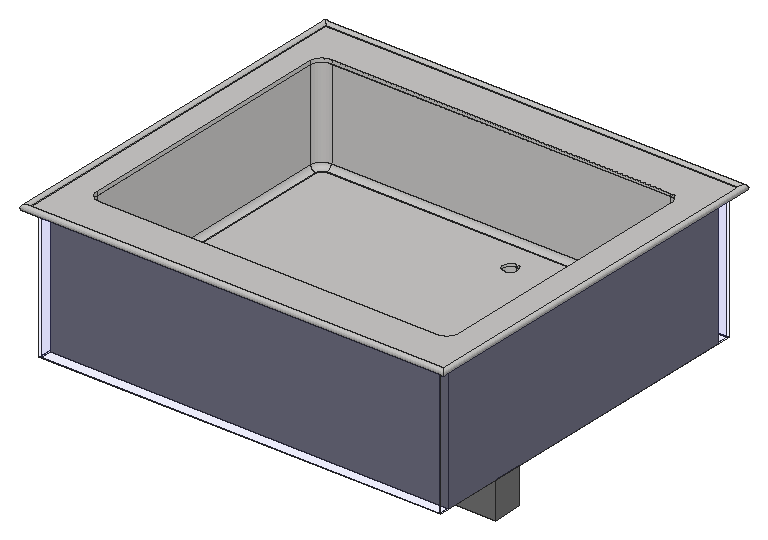
Revit family "QF_Vollrath_36500_cat", category Specialty Equipment, Revit 2016
Family settings
  Part Type = Normal
  Round Connector Dimension = Use Diameter
  OmniClass Number = 23.40.40.14.14
  OmniClass Title = Food Preparation Equipment
  Work Plane-Based = No
  Always vertical = Yes
  Cut with Voids When Loaded = No
  Shared = No
  Room Calculation Point = No
Parameters (values of type "Requires Type Catalog QF_Vollrath_DI_Bain-Marie_cat.txt")
  Width A = 2' - 5"
  Well Width C = 0' - 2 1/8"
  Weight in Pounds = 0
  Watts = 0 W
  Waste Water Discharge Temperature [instance] = -459.67 °F
  Volts = 0 V
  URL Cutsheet = ""
  URL = "www.vollrathco.com"
  Status [instance] = ""
  Specification by User [instance] = ""
  Specification by Manufacturer [instance] = ""
  Serial Number [instance] = ""
  Seismic Rating [instance] = ""
  SMACNA No [instance] = ""
  Revision Code [instance] = ""
  Plumbing Remarks [instance] = ""
  Plumbing Connection Type [instance] = ""
  Phase = 1
  Number of Poles [instance] = 1
  NAFEM Spec ID Number [instance] = ""
  Model = "-"
  Masterspec [instance] = ""
  Manufacturer = "Vollrath"
  Item Number [instance] = "-"
  Installed By [instance] = ""
  Indirect Waste Size = 1"
  Indirect Waste Flow [instance] = 0.00 GPM
  Indirect Waste Connection Type [instance] = ""
  Indirect Waste Connection Height [instance] = Height AFF - 1' 0"  # 1' - 11"
  Height AFF [instance] = 2' - 11"
  Furnished By [instance] = ""
  Foodservice Equipment Identifier [instance] = yes
  FL Amps = 0 A
  Electrical Remarks [instance] = ""
  Electric Connection Type [instance] = ""
  Elec Conn RI Height [instance] = 0' - 0"
  Elec Conn Connection Height [instance] = Height AFF - 0' 10 1/4"  # 2' - 0 3/4"
  Description = "Drop-In, Bain Marie Hot"
  Depth B = 2' - 2"
  Cycle = 60 Hz
  Cut Out Width Half = Cut Out Width / 2  # 0' - 0 3/4"
  Cut Out Width = if(Width A = 2' 5", 0' 1 1/2", 0' 0 1/2")  # 0' - 1 1/2"
  Conn Plug = "-"
  CSI MasterFormat = "11 42 00"
  Base Width E = if(Width A = 2' 5", 0' 0 7/8", 0' 0 1/2")  # 0' - 0 7/8"
  Assembly Code = "E1090320"
  Apparent Power = if(Phase = 3, Volts * FL Amps * 1.73, Volts * FL Amps)  # 0 VA
Reference planes (in)
  plane 1 "BACK": y = 0
  plane 2: z = 0
  plane 3 "LEFT": x = -15.489587
  plane 4 "RIGHT": x = 13.510413
  plane 5 "FRONT": y = -26
  plane 6 "Table Top": z = 35
  plane 7 "TOP": z = 35.375
  plane 8: y = -3.0625
  plane 9: y = -22.9375
  plane 10: x = -13.364587
  plane 11: x = 11.385413
  plane 12 "Bottom of Well": z = 28.375
  plane 13 "Bottom of Well Cover": z = 26
  plane 14: y = -1.5
  plane 15: y = -24.5
  plane 16: x = -14.614587
  plane 17: x = 12.635413
  plane 18 "Standard Drain": z = 22.25
  plane 19 "Drain FB": x = 1.635413
  plane 20: z = 23.5
  plane 21: z = 20.5
  plane 22 "Back of Panel": y = -20.5
  plane 23: y = -18.5
  plane 24 "Front of Panel": y = -22.5
  plane 25 "Remote Top": z = 33
  plane 26 "Remote Bottom": z = 28.875
  plane 27 "Drain LR": y = -5.5
  plane 28: z = 32.5
  plane 29: z = 29.375
Forms (in)
  Sweep 1, solid, material "QF_Finishes_Stainless Steel"
    path origin (0, 0, 35) x (0, 1, 0) y (-1, 0, 0)
      loop
        line (0, 15.489587) -> (-26, 15.489587) -> (-26, -13.510413) -> (0, -13.510413) -> (0, 15.489587)
    profile origin (-0.989587, 0, 35) x (0, 1, 0) y (0, 0, 1)
      loop
        line (-0.3712117, 0) -> (-0.1875, 0)
        arc (-0.1875, 0) -> (-0.0422631, 0.3060854) -> (-0.3712117, 0.225) r 0.1875
        line (-0.3712117, 0.225) -> (-0.3712117, 0)
  Extrusion 2, solid, material "QF_Finishes_Stainless Steel"
    sketch origin (0, 0, 35) x (0, 1, 0) y (-1, 0, 0)
      loop
        arc (-3.0625, 12.552087) -> (-3.3004757, 13.1266113) -> (-3.875, 13.364587) r 0.8125
        line (-3.875, 13.364587) -> (-22.125, 13.364587)
        arc (-22.125, 13.364587) -> (-22.6995243, 13.1266113) -> (-22.9375, 12.552087) r 0.8125
        line (-22.9375, 12.552087) -> (-22.9375, -10.572913)
        arc (-22.9375, -10.572913) -> (-22.6995243, -11.1474372) -> (-22.125, -11.385413) r 0.8125
        line (-22.125, -11.385413) -> (-3.875, -11.385413)
        arc (-3.875, -11.385413) -> (-3.3004757, -11.1474372) -> (-3.0625, -10.572913) r 0.8125
        line (-3.0625, -10.572913) -> (-3.0625, 12.552087)
      loop
        line (-0.3712117, 15.1183753) -> (-25.6287883, 15.1183753) -> (-25.6287883, -13.1392012) -> (-0.3712117, -13.1392012) -> (-0.3712117, 15.1183753)
    from 0 to 0.225
  Sweep 3, solid, material "QF_Finishes_Stainless Steel"
    path origin (0, 0, 35) x (0, 1, 0) y (-1, 0, 0)
      loop
        arc (-3.0625, 12.552087) -> (-3.3004757, 13.1266113) -> (-3.875, 13.364587) r 0.8125
        line (-3.875, 13.364587) -> (-22.125, 13.364587)
        arc (-22.125, 13.364587) -> (-22.6995243, 13.1266113) -> (-22.9375, 12.552087) r 0.8125
        line (-22.9375, 12.552087) -> (-22.9375, -10.572913)
        arc (-22.9375, -10.572913) -> (-22.6995243, -11.1474372) -> (-22.125, -11.385413) r 0.8125
        line (-22.125, -11.385413) -> (-3.875, -11.385413)
        arc (-3.875, -11.385413) -> (-3.3004757, -11.1474372) -> (-3.0625, -10.572913) r 0.8125
        line (-3.0625, -10.572913) -> (-3.0625, 12.552087)
    profile origin (-0.989587, -3.0625, 35) x (0, 1, 0) y (0, 0, 1)
      loop
        line (0, 0) -> (0, -6.125)
        arc (0, -6.125) -> (-0.109835, -6.390165) -> (-0.375, -6.5) r 0.375
        line (-0.375, -6.5) -> (-0.375, -6.625)
        arc (-0.375, -6.625) -> (-0.0214466, -6.4785534) -> (0.125, -6.125) r 0.5
        line (0.125, -6.125) -> (0.125, 0) -> (0, 0)
  Extrusion 4, solid, material "QF_Finishes_Stainless Steel"
    sketch origin (0, 0, 28.375) x (0, 1, 0) y (-1, 0, 0)
      loop
        arc (-3.4375, 12.552087) -> (-3.5656408, 12.8614462) -> (-3.875, 12.989587) r 0.4375
        line (-3.875, 12.989587) -> (-22.125, 12.989587)
        arc (-22.125, 12.989587) -> (-22.4343592, 12.8614462) -> (-22.5625, 12.552087) r 0.4375
        line (-22.5625, 12.552087) -> (-22.5625, -10.572913)
        arc (-22.5625, -10.572913) -> (-22.4343592, -10.8822722) -> (-22.125, -11.010413) r 0.4375
        line (-22.125, -11.010413) -> (-3.875, -11.010413)
        arc (-3.875, -11.010413) -> (-3.5656408, -10.8822722) -> (-3.4375, -10.572913) r 0.4375
        line (-3.4375, -10.572913) -> (-3.4375, 12.552087)
      loop
        circle (-5.5, -1.635413) r 0.5
    from 0 to 0.125
  Extrusion 5, solid, material "QF_Finishes_Dark Grey"
    sketch origin (0, 0, 26) x (0, 1, 0) y (-1, 0, 0)
      loop
        line (-1.625, 14.489587) -> (-24.375, 14.489587) -> (-24.375, -12.510413) -> (-1.625, -12.510413) -> (-1.625, 14.489587)
      loop
        circle (-5.5, -1.635413) r 0.5
    from 0 to 0.125
  Extrusion 6, solid, material "QF_Finishes_Dark Grey"
    sketch origin (0, 0, 26) x (0, 1, 0) y (-1, 0, 0)
      loop
        line (-1.5, 14.614587) -> (-24.5, 14.614587) -> (-24.5, -12.635413) -> (-1.5, -12.635413) -> (-1.5, 14.614587)
      loop
        line (-1.625, 14.489587) -> (-24.375, 14.489587) -> (-24.375, -12.510413) -> (-1.625, -12.510413) -> (-1.625, 14.489587)
    from 0 to 9
  Extrusion 7, solid, material "QF_Finishes_Stainless Steel"
    sketch origin (0, 0, 26) x (0, 1, 0) y (-1, 0, 0)
      loop
        circle (-5.5, -1.635413) r 0.5
      loop
        circle (-5.5, -1.635413) r 0.625
    from 0.125 to 2.375
  Revolve 8, solid, material "QF_Finishes_Dark Grey"
    sketch origin (1.635413, -1.5, 0) x (0, 1, 0) y (0, 0, 1)
      loop
        line (-3.375, 22.25) -> (-3.25, 22.25) -> (-3.25, 22.75) -> (-3.375, 22.75) -> (-3.375, 24.75) -> (-3.25, 24.75) -> (-3.25, 25.25) -> (-3.375, 25.25) -> (-3.375, 26) -> (-3.5, 26) -> (-3.5, 25.125) -> (-3.375, 25.125) -> (-3.375, 24.875) -> (-3.5, 24.875) -> (-3.5, 22.625) -> (-3.375, 22.625) -> (-3.375, 22.25)
      axis (-4, 22.25) -> (-4, 26)
    angle from 0 to 360
  Extrusion 9, solid, material "QF_Finishes_Dark Grey"
    sketch origin (-15.489587, 0, 0) x (0, 1, 0) y (0, 0, 1)
      loop
        line (-18.5, 26) -> (-20.5, 26) -> (-20.5, 23.5) -> (-18.5, 23.5) -> (-18.5, 26)
    from 0.875 to 28.125
  Extrusion 10, solid, material "QF_Finishes_Clearances"
    sketch origin (0, 0, 26) x (0, 1, 0) y (-1, 0, 0)
      loop
        line (-0.625, 14.739587) -> (-25.375, 14.739587) -> (-25.375, -12.760413) -> (-0.625, -12.760413) -> (-0.625, 14.739587)
      loop
        line (-0.75, 14.614587) -> (-25.25, 14.614587) -> (-25.25, -12.635413) -> (-0.75, -12.635413) -> (-0.75, 14.614587)
    from 0 to 9
Lines and regions (in)
  symbolic lines
    curve 1: line (-15.489587, 0, 26) -> (13.510413, 0, 26)
    curve 2: line (-15.489587, -26, 26) -> (-15.489587, 0, 26)
    curve 3: line (13.510413, -26, 26) -> (-15.489587, -26, 26)
    curve 4: line (13.510413, 0, 26) -> (13.510413, -26, 26)
    curve 5: line (-13.364587, -3.0625, 26) -> (11.385413, -3.0625, 26)
    curve 6: line (-13.364587, -22.9375, 26) -> (-13.364587, -3.0625, 26)
    curve 7: line (11.385413, -22.9375, 26) -> (-13.364587, -22.9375, 26)
    curve 8: line (11.385413, -3.0625, 26) -> (11.385413, -22.9375, 26)
  symbolic lines, style "SpecialityEquipment"
    curve 9: circle (1.635413, -5.5, 26) r 0.5 normal (0, 0, 1)
  model lines, style "QF_Cutout"
    curve 10: line (-14.739587, -25.375, 35.375) -> (-14.739587, -25.375, 41.375)
    curve 11: line (12.760413, -25.375, 35.375) -> (12.760413, -25.375, 41.375)
    curve 12: line (-14.739587, -0.625, 35.375) -> (-14.739587, -0.625, 41.375)
    curve 13: line (12.760413, -0.625, 35.375) -> (12.760413, -0.625, 41.375)
Dimensions and locks (in)
  "Width A": plane 3 "LEFT" to plane 4 "RIGHT"
  "Depth B": plane 5 "FRONT" to plane 1 "BACK"
  "Height AFF": plane 6 "Table Top" to level
  locked: plane 7 "TOP" to plane 6 "Table Top" at 0.375
  locked: plane 1 "BACK" to plane 8 at 3.0625
  locked: plane 9 to plane 5 "FRONT" at 3.0625
  "Well Width C": plane 3 "LEFT" to plane 10
  "Well Width C": plane 11 to plane 4 "RIGHT"
  locked: profile plane to Sweep 1 sketch curve at 0.3712117
  locked: plane 6 "Table Top" to plane 12 "Bottom of Well" at 6.625
  locked: plane 6 "Table Top" to plane 13 "Bottom of Well Cover" at 9
  locked: plane 1 "BACK" to plane 14 at 1.5
  locked: plane 15 to plane 5 "FRONT" at 1.5
  "Base Width E": plane 3 "LEFT" to plane 16
  "Base Width E": plane 17 to plane 4 "RIGHT"
  locked: plane 13 "Bottom of Well Cover" to plane 20 at 2.5
  locked: plane 20 to plane 21 at 3
  locked: plane 23 to plane 22 "Back of Panel" at 2
  locked: plane 22 "Back of Panel" to plane 5 "FRONT" at 5.5
  plane 22 "Back of Panel" to plane 24 "Front of Panel" = 0' - 2"
  plane 25 "Remote Top" to level = 2' - 9"
  locked: plane 25 "Remote Top" to plane 26 "Remote Bottom" at 4.125
  locked: plane 13 "Bottom of Well Cover" to plane 18 "Standard Drain" at 3.75
  locked: plane 27 "Drain LR" to plane 15 at 19
  locked: plane 19 "Drain FB" to plane 17 at 11
  locked: plane 25 "Remote Top" to plane 28 at 0.5
  locked: plane 29 to plane 26 "Remote Bottom" at 0.5
  locked: plane 5 "FRONT" to Extrusion 10 sketch curve at 0.625
  locked: Extrusion 10 sketch curve to plane 1 "BACK" at 0.625
  "Cut Out Width Half": plane 3 "LEFT" to Extrusion 10 sketch curve
  "Cut Out Width Half": Extrusion 10 sketch curve to plane 4 "RIGHT"
  locked: Extrusion 10 sketch curve to Extrusion 10 sketch curve at 0.125  (x4)
  aligned and locked: level to plane 2
  aligned and locked: Sweep 1 sketch curve to profile plane
  aligned and locked: plane 1 "BACK" to Sweep 1 sketch curve
  aligned and locked: plane 3 "LEFT" to Sweep 1 sketch curve
  aligned and locked: Sweep 1 sketch curve to plane 5 "FRONT"
  aligned and locked: Sweep 1 sketch curve to plane 4 "RIGHT"
  aligned and locked: Extrusion 2 sketch curve to plane 8
  aligned and locked: plane 10 to Extrusion 2 sketch curve
  aligned and locked: plane 9 to Extrusion 2 sketch curve
  aligned and locked: plane 11 to Extrusion 2 sketch curve
  aligned and locked: Sweep 1 to Extrusion 2 sketch curve  (x4)
  aligned: Extrusion 2 to Sweep 1
  aligned and locked: Sweep 3 sketch curve to plane 8
  aligned and locked: plane 10 to Sweep 3 sketch curve
  aligned and locked: plane 9 to Sweep 3 sketch curve
  aligned and locked: plane 11 to Sweep 3 sketch curve
  aligned and locked: plane 8 to Sweep 3 sketch curve
  aligned and locked: Sweep 3 sketch curve to plane 6 "Table Top"
  aligned and locked: Extrusion 4 sketch curve to Sweep 3  (x2)
  aligned and locked: Sweep 3 to Extrusion 4 sketch curve  (x2)
  aligned and locked: Extrusion 4 to Sweep 3
  aligned and locked: Extrusion 5 sketch curve to Extrusion 4  (x2)
  aligned and locked: plane 16 to Extrusion 6 sketch curve
  aligned and locked: Extrusion 6 sketch curve to plane 14
  aligned and locked: Extrusion 6 sketch curve to plane 17
  aligned and locked: plane 15 to Extrusion 6 sketch curve
  aligned and locked: plane 6 "Table Top" to Extrusion 6
  aligned and locked: Extrusion 5 sketch curve to Extrusion 6  (x4)
  aligned and locked: plane 12 "Bottom of Well" to Extrusion 7
  aligned and locked: Extrusion 9 sketch curve to plane 13 "Bottom of Well Cover"
  aligned and locked: plane 22 "Back of Panel" to Extrusion 9 sketch curve
  aligned and locked: Extrusion 9 sketch curve to plane 23
  aligned and locked: plane 20 to Extrusion 9 sketch curve
  aligned and locked: plane 1 "BACK" to curve 1
  aligned and locked: plane 3 "LEFT" to curve 2
  aligned and locked: curve 4 to plane 4 "RIGHT"
  aligned and locked: curve 3 to plane 5 "FRONT"
  aligned and locked: curve 5 to plane 8
  aligned and locked: plane 11 to curve 8
  aligned and locked: plane 10 to curve 6
  aligned and locked: plane 9 to curve 7
  aligned and locked: Extrusion 9 to plane 16
  aligned and locked: plane 17 to Extrusion 9
  aligned and locked: plane 6 "Table Top" to Extrusion 10
Automatic sketch dimensions
  Sweep 3 sketch curve to plane 22 "Back of Panel" = 0' - 1 5/8"  (x2)
  Sweep 1 sketch curve to Sweep 1 sketch curve = 0' - 0.18371"
  Sweep 1 sketch curve to Sweep 1 sketch curve = 0' - 0 3/16"
  Extrusion 2 sketch curve to plane 22 "Back of Panel" = 0' - 1 5/8"  (x2)
  Extrusion 2 sketch curve to plane 8 = 0' - 0 13/16"  (x2)
  Sweep 3 sketch curve to plane 8 = 0' - 0 13/16"  (x2)
  Revolve 8 sketch curve to plane 27 "Drain LR" = 0' - 0"
  Revolve 8 sketch curve to plane 13 "Bottom of Well Cover" = 0' - 0"
  Revolve 8 sketch curve to plane 18 "Standard Drain" = 0' - 0"
  Revolve 8 sketch curve to Revolve 8 sketch curve = 0' - 0"
  Revolve 8 sketch curve to Revolve 8 sketch curve = 0' - 0 1/8"  (x9)
  Revolve 8 sketch curve to level = 1' - 0"
  Revolve 8 sketch curve to Revolve 8 sketch curve = 0' - 0 3/8"
  Revolve 8 sketch curve to plane 13 "Bottom of Well Cover" = 0' - 1 1/4"
  Revolve 8 sketch curve to Revolve 8 sketch curve = 0' - 0 1/4"
  plane 7 "TOP" to Revolve 8 sketch curve = 5' - 0 5/8"
  plane 27 "Drain LR" to Revolve 8 sketch curve = 0' - 0 1/2"
  Extrusion 7 sketch curve to plane 19 "Drain FB" = 0' - 0"
  Extrusion 7 sketch curve to plane 27 "Drain LR" = 0' - 0"
  Extrusion 7 sketch curve to Extrusion 7 sketch curve = 0' - 0"  (x2)
  Sweep 3 sketch curve to Sweep 3 sketch curve = 0' - 0"  (x2)
  profile plane to Sweep 3 sketch curve = 0' - 0 3/8"
  Sweep 3 sketch curve to profile plane = 0' - 0 1/8"
  Sweep 3 sketch curve to plane 6 "Table Top" = 0' - 6 1/8"
  Extrusion 4 sketch curve to plane 19 "Drain FB" = 0' - 0"
  Extrusion 4 sketch curve to plane 27 "Drain LR" = 0' - 0"
  plane 24 "Front of Panel" to Extrusion 4 sketch curve = 0' - 0 3/8"  (x2)
  Extrusion 4 sketch curve to Extrusion 4 sketch curve = 0' - 0 7/16"  (x2)
  plane 15 to Extrusion 6 sketch curve = 0' - 0 1/8"
  Extrusion 6 sketch curve to plane 14 = 0' - 0 1/8"
  Extrusion 6 sketch curve to plane 17 = 0' - 0 1/8"
  plane 16 to Extrusion 6 sketch curve = 0' - 0 1/8"
  curve 11 to Extrusion 10 = 0' - 0"
  curve 10 to Extrusion 10 = 0' - 0"
  curve 10 to Extrusion 10 = 0' - 6 3/8"
  curve 11 to Extrusion 10 = 0' - 6 3/8"
  curve 11 to Extrusion 10 = 0' - 0 3/8"
  curve 10 to Extrusion 10 = 0' - 0 3/8"
  Extrusion 10 to curve 12 = 0' - 0"
  Extrusion 10 to curve 13 = 0' - 0"
  curve 12 to Extrusion 10 = 0' - 6 3/8"
  curve 13 to Extrusion 10 = 0' - 6 3/8"
  curve 13 to Extrusion 10 = 0' - 0 3/8"
  curve 12 to Extrusion 10 = 0' - 0 3/8"
  curve 9 to plane 19 "Drain FB" = 0' - 0"
  curve 9 to plane 27 "Drain LR" = 0' - 0"
  radius of Extrusion 7 sketch curve = 0' - 0 1/2"
  radius of Extrusion 7 sketch curve = 0' - 0 5/8"
  radius of Extrusion 4 sketch curve = 0' - 0 1/2"
  radius of curve 9 = 0' - 0 1/2"
Connectors (in)
  piping at (1.635413, -5.5, 22.25), diameter 1, driven by "Indirect Waste Flow"
    settings: on Revolve 8, index 1, connector inside diameter 1", connector length 0' - 0", flow factor 0, pipe flow 0.00 GPM, pressure drop 0.00 psi, fitting loss kfactor 0, connector angle 0.00°, fixture units 0, engagement length 0' - 0", angle of deflection 0.00°, flow configuration 1, flow direction 2, fitting loss method 0, system type 16, joint type 0, gender type 0, connector reference index -1, connector utility 0, adjustable connector no, is connector primary yes, connector description "Indirect Waste"
  electrical at (-0.989587, -18.5, 24.75), driven by "Number of Poles", driven by "Volts", driven by "Apparent Power"
    settings: on Extrusion 9, index 3, voltage 0 V, apparent load 0 VA, apparent load phase1 0 VA, apparent load phase2 0 VA, apparent load phase3 0 VA, power factor 1, load classification "Other", number of poles 1, system type 30, power factor state 1, is connector primary yes, connector utility no, sub classification motor no, connector description "Electric"
